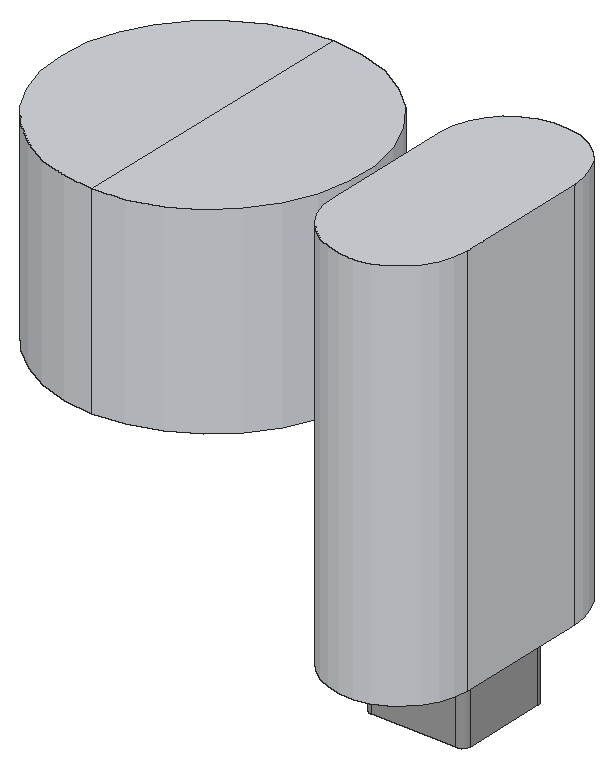
Revit family "Alcon-13303-MI_FAMILY_", category Generic Models, host Face, Revit 2025
Family settings
  Host = Face
  Can host rebar = No
  Round Connector Dimension = Use Diameter
  Part Type = Normal
  Cut with Voids When Loaded = No
  Maintain Annotation Orientation = No
  Shared = No
  Room Calculation Point = No
Parameters
  URL = "https://www.alconlighting.com/?srsltid=AfmBOooDPhGQ0dEP-X2PMtxFfvvWpIAEL4jCll_O2F4_to5onvhnBomy"
  Product Page URL = "https://www.alconlighting.com/13303-mi.html"
  Model = "13303-MI"
  Manufacturer = "ALCON Lighting"
  Fixture Rotation = 90.00°
  Default Elevation = 4' - 0"
  Body = Default
Reference planes (in)
  plane 1 "Center (Front/Back)": y = 0
  plane 2: z = 0
  plane 3 "Center (Left/Right)": x = 0
Forms (in)
  Extrusion 1, solid, material "Default" <- "Body"
    sketch origin (1.80078, 0, 0.5) x (0, 1, 0) y (1, 0, 0)
      loop
        arc (-0.375, -0.3125) -> (-0.35669, -0.35669) -> (-0.3125, -0.375) r 0.0625
        line (-0.3125, -0.375) -> (0.3125, -0.375)
        arc (0.3125, -0.375) -> (0.35669, -0.35669) -> (0.375, -0.3125) r 0.0625
        line (0.375, -0.3125) -> (0.375, 0.3125)
        arc (0.375, 0.3125) -> (0.35669, 0.35669) -> (0.3125, 0.375) r 0.0625
        line (0.3125, 0.375) -> (-0.3125, 0.375)
        arc (-0.3125, 0.375) -> (-0.35669, 0.35669) -> (-0.375, 0.3125) r 0.0625
        line (-0.375, 0.3125) -> (-0.375, -0.3125)
    from 0 to 0.5
  Extrusion 2, solid
    sketch origin (1.80078, 0, 0.5) x (0, 1, 0) y (-1, 0, 0)
      loop
        arc (0.5, -0.5) -> (1, 0) -> (0.5, 0.5) r 0.5
        line (0.5, 0.5) -> (-0.5, 0.5)
        arc (-0.5, 0.5) -> (-1, 0) -> (-0.5, -0.5) r 0.5
        line (-0.5, -0.5) -> (0.5, -0.5)
    from 0 to 2.9375
Lines and regions (in)
  reference lines
    curve 1: line (0, 5.875, 2.75) -> (0, -5.875, 2.75)
Dimensions and locks (in)
  "Fixture Rotation": angle nested 1 to curve 1
  aligned and locked: plane 2 to host face
  aligned and locked: level to host face
Automatic sketch dimensions
  host sketch curve to host sketch curve = 8' - 0"  (x2)
  plane 1 "Center (Front/Back)" to Extrusion 1 sketch curve = 0' - 0 3/8"
  Extrusion 1 sketch curve to Extrusion 1 sketch curve = 0' - 0 1/16"  (x3)
  Extrusion 1 sketch curve to plane 1 "Center (Front/Back)" = 0' - 0 5/16"  (x2)
  plane 3 "Center (Left/Right)" to Extrusion 1 sketch curve = 0' - 2 45/256"
  Extrusion 1 sketch curve to Extrusion 1 sketch curve = 0' - 0 5/8"
  level to curve 1 = 0' - 2 3/4"
  plane 1 "Center (Front/Back)" to curve 1 = 0' - 5 7/8"
  curve 1 to plane 1 "Center (Front/Back)" = 0' - 5 7/8"
  Extrusion 1 to Extrusion 2 sketch curve = 0' - 0 1/8"  (x3)
  Extrusion 2 sketch curve to Extrusion 1 = 0' - 0 3/8"
Nested families (in)
  nested 1: "Alcon-13303-MI_CAN_" at (0.00128, 0, 2.75) x (0, 0, 1) z (-1, 0, 0), type "Alcon-13303-MI_CAN_"
    with built-in parameter 1001306 0.14583 (stored number, unit not read)
Definition of nested family "Alcon-13303-MI_CAN_"
  Parameters (values of type "Alcon-13303-MI_CAN_")
    Wattage = 9.2903 W
    built-in parameter 1150110 = 1 (stored number, unit not read)
    built-in parameter 1114217 = 1 (stored number, unit not read)
    Tilt Angle = 60.00°
    built-in parameter 1150109 = 1 (stored number, unit not read)
    built-in parameter 1150134 = 3
    built-in parameter 1150113 = 1 (stored number, unit not read)
    built-in parameter 1010507 = 1.5708 (stored number, unit not read)
    built-in parameter 1010506 = 0.5236 (stored number, unit not read)
    built-in parameter 1150105 = 4614.1 (stored number, unit not read)
    Lumens = 1380 lm
    built-in parameter 1150115 = 1 (stored number, unit not read)
    Light Source Symbol Length = 10' - 0"
    built-in parameter 1150137 = (empty or 0)
    built-in parameter 1150139 = (empty or 0)
    built-in parameter 1001306 [instance] = 4' - 0"
    built-in parameter 1150112 = 1 (stored number, unit not read)
    built-in parameter 1150114 = 1 (stored number, unit not read)
    built-in parameter 1150132 = (empty or 0)
    built-in parameter 1150102 = (empty or 0)
    built-in parameter 1150107 = 3200 (stored number, unit not read)
    built-in parameter 1150138 = (empty or 0)
    built-in parameter 1150106 = 46.141 (stored number, unit not read)
    Glass Lens = none
    built-in parameter 1150104 = 13.8 (stored number, unit not read)
    Dimming Lamp Color Temperature Shift = (empty or 0)
    Default Elevation = 0' - 0"
    Color Filter = 16777215
    built-in parameter 1114218 = 1 (stored number, unit not read)
    built-in parameter 1150133 = 10 (stored number, unit not read)
  Reference planes (in)
    plane 1 "Center (Front/Back)": y = 0
    plane 2: z = 0
    plane 3 "Left": x = 0
    plane 4 "Right": x = 48
  Forms (in)
    Revolve 1, solid
      sketch origin (0.56598, 0, 0) x (0, 1, 0) y (-1, 0, 0)
        loop
          line (1.125, 0) -> (1.125, 1.5) -> (1.0305, 1.5) -> (1.0305, 0.18121) -> (0, 0.18121) -> (0, 0) -> (1.125, 0)
        axis (0, 0) -> (0, 1.5)
      angle from 0 to 360
    Extrusion 2, solid, material <- "Glass Lens"
      sketch origin (-0.78994, 1.17, 0) x (0, -1, 0) y (0, 0, -1)
        loop
          circle (1.17, 0) r 1.03094
      from 0 to 0.10592
    Extrusion 3, solid
      sketch origin (0, 0, 0) x (0, -1, 0) y (1, 0, 0)
        loop
          circle (0, 0) r 0.35188
      from -1.2995 to -1.07317
  Lines and regions (in)
    reference lines
      curve 1: line (0, 0, 0) -> (48, 0, 0)
    model lines
      curve 2: line (0, 0, 0) -> (-6.37585, 0, 0)
  Dimensions and locks (in)
    "built-in parameter 1001306": plane 3 "Left" to plane 4 "Right"
    aligned and locked: plane 4 "Right" to curve 1
    aligned and locked: plane 1 "Center (Front/Back)" to curve 1
    aligned and locked: plane 3 "Left" to curve 1
    aligned and locked: level to plane 2
  Automatic sketch dimensions
    curve 2 to level = 0' - 0"
    curve 2 to plane 3 "Left" = 0' - 0"
    curve 2 to plane 3 "Left" = 0' - 6.37585"
    Extrusion 2 sketch curve to level = 0' - 0"
    Extrusion 2 sketch curve to Extrusion 2 sketch curve = 0' - 0"
    Extrusion 2 sketch curve to plane 1 "Center (Front/Back)" = 0' - 0"
    Extrusion 2 sketch curve to plane 1 "Center (Front/Back)" = 0' - 1.03094"
    plane 1 "Center (Front/Back)" to Revolve 1 sketch curve = 0' - 0"  (x2)
    plane 3 "Left" to Revolve 1 sketch curve = 0' - 0.38477"
    Revolve 1 sketch curve to plane 1 "Center (Front/Back)" = 0' - 1.0305"
    Revolve 1 sketch curve to Revolve 1 sketch curve = 0' - 0.0945"
    Revolve 1 sketch curve to Revolve 1 sketch curve = 0' - 0.18121"
    Revolve 1 sketch curve to plane 3 "Left" = 0' - 0.93402"
    Revolve 1 sketch curve to plane 3 "Left" = 0' - 0.42289"
    Revolve 1 sketch curve to Revolve 1 sketch curve = 0' - 1.06952"
    plane 1 "Center (Front/Back)" to Extrusion 3 sketch curve = 0' - 0"
    Extrusion 3 sketch curve to plane 3 "Left" = 0' - 0"
    radius of Extrusion 3 sketch curve = 0' - 0.35188"
